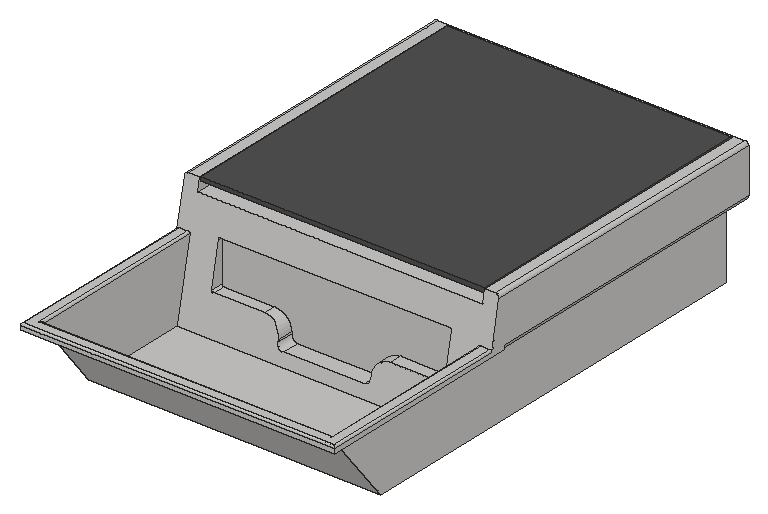
Revit family "PRD_FrankeWS_PprTwlDspnsrs_EXOSPaperTowelDispenser_EXOS600EX_600EB_600EW", category Specialty Equipment, host Face, Revit 2018
Family settings
  Host = Face
  Round Connector Dimension = Use Diameter
  Part Type = Normal
  OmniClass Number = 23.40.20.21.17
  OmniClass Title = Paper Towel Dispensers, Disposal Units
  Cut with Voids When Loaded = No
  Shared = No
  Room Calculation Point = No
Parameters (values of type "EXOS600EB")
  WarrantyStartDate [instance] = "1900-12-31T23:59:59"
  WarrantyGuarantorParts = "n/a"
  WarrantyGuarantorLabor = "n/a"
  WarrantyDurationUnit = "year"
  WarrantyDurationParts = "n/a"
  WarrantyDurationLabor = "n/a"
  WarrantyDescription = "n/a"
  Version = "1"
  Uniclass2015Version = "Products v1.17"
  Uniclass2015Title = "Paper towel dispensers"
  Uniclass2015Code = "Pr_40_70_22_62"
  URL = "www.kwc.com"
  TypeOfOperation = "n/a"
  TypeOfMounting = "Recessed mounting"
  TypeOfFixing = "Screw"
  TypeOfConsumable = "Paper towel"
  TagNumber [instance] = "n/a"
  SustainabilityPerformance = "n/a"
  SurfaceTreatment = "InoxPlus (anti fingerprint)"
  Style = "Dispenser"
  Size = "304 x 500 x 120 mm"
  Shape = "n/a"
  SerialNumber [instance] = "n/a"
  Revision = "n/a"
  ReplacementCost = "n/a"
  ProductInformation = "https://pim.kwc.com/product/2030034625/attachment/datasheet?locale=en"
  PanelMaterial = PRD_AR_Glass_Black
  NominalWidth = 304.00 mm
  NominalHeight = 500.00 mm
  NominalDepth = 120.00 mm
  NetWeight = 4.78 kg
  Name = "Paper Towel Dispenser EXOS600EB"
  NBSTypeID = "n/a"
  NBSReference = "45-35-72/344"
  NBSOfficeMasterTag = "n/a"
  NBSNote = "n/a"
  NBSDescription = "Paper towel dispensers"
  NBSCertification = "n/a"
  ModelReference = "EXOS600EB"
  ModelNumber = "2030034625"
  Model = ModelReference  # "EXOS600EB"
  MaximumWidthOfConsumable = "n/a"
  MaximumDepthDiameterOfConsumable = "n/a"
  MaterialThickness = "1.20 mm"
  MaterialCode = "1.4301"
  Material = "stainless steel"
  ManufacturerURL = "www.kwc.com"
  ManufacturerName = "KWC Group AG"  # constant formula
  Manufacturer = ManufacturerName  # "KWC Group AG"
  MainColor = "stainless steel"
  Lock = "Key-lock"
  IsBuiltIn = "TRUE"
  IntegralAccessories = "incl. mounting materials"
  InstallationDate [instance] = "1900-12-31T23:59:59"
  IfcExportType = "USERDEFINED"
  IfcExportAs = "IfcFurnitureType"
  GrossWeight = 5.78 kg
  Grade = "n/a"
  Finish = "satin finished"
  FillingQuantityUom = "Towels"
  FillingQuantity = "400"
  Features = "stainless steel, surface satin finished"
  ExpectedLife = "n/a"
  DurationUnit = "year"
  DispenserMaterial = PRD_AR_StainlessSteel_SatinFinished
  Description = "Paper towel dispenser for recessed mounting, stainless steel with satin finish, black safety glass front panel, casing with InoxPlus surface refinement for the reduction of finger marks and better cleaning characteristics (easy to clean), material thickness 1.2 mm, capacity 300 - 400 pieces of Z-folded paper, includes mounting materials."
  Default Elevation = 1200.00 mm
  CreatedOn = "05/2020"  # constant formula
  Constituents = "n/a"
  Color = "n/a"
  CodePerformance = "n/a"
  Category = "Pr_40_70_22_62, Paper Towel Dispensers"
  BarCode [instance] = "n/a"
  BIMObjectName = "PRD_AR_PaperTowelDispensers_EXOSPaperTowelDispenser_EXOS600EB"
  Author = "Archispace"  # constant formula
  AssetType = "Fixed"
  AssetIdentifier [instance] = "n/a"
  AccessibilityPerformance = "n/a"
Types (3, lengths in mm): name | ProductInformation | PanelMaterial | NetWeight | Name | ModelReference | ModelNumber | Model | GrossWeight | Description | BIMObjectName
  EXOS600EX | "https://pim.kwc.com/product/2030034624/attachment/datasheet?locale=en" | PRD_AR_StainlessSteel_SatinFinished | 4.14 kg | "Paper Towel Dispenser EXOS600EX" | "EXOS600EX" | "2030034624" | "EXOS600EX" | 5.14 kg | "Paper towel dispenser for recessed mounting, stainless steel with satin finish, front and casing with InoxPlus surface refinement for the reduction of finger marks and better cleaning characteristics (easy to clean), material thickness 1.2 mm, capacity 300 - 400 pieces of Z-folded paper, includes mounting materials." | "PRD_AR_PaperTowelDispensers_EXOSPaperTowelDispenser_EXOS600EX"
  EXOS600EB | "https://pim.kwc.com/product/2030034625/attachment/datasheet?locale=en" | PRD_AR_Glass_Black | 4.78 kg | "Paper Towel Dispenser EXOS600EB" | "EXOS600EB" | "2030034625" | "EXOS600EB" | 5.78 kg | "Paper towel dispenser for recessed mounting, stainless steel with satin finish, black safety glass front panel, casing with InoxPlus surface refinement for the reduction of finger marks and better cleaning characteristics (easy to clean), material thickness 1.2 mm, capacity 300 - 400 pieces of Z-folded paper, includes mounting materials." | "PRD_AR_PaperTowelDispensers_EXOSPaperTowelDispenser_EXOS600EB"
  EXOS600EW | "https://pim.kwc.com/product/2030034662/attachment/datasheet?locale=en" | PRD_AR_Glass_White | 4.78 kg | "Paper Towel Dispenser EXOS600EW" | "EXOS600EW" | "2030034662" | "EXOS600EW" | 5.78 kg | "Paper towel dispenser for recessed mounting, stainless steel with satin finish, white safety glass front panel, casing with InoxPlus surface refinement for the reduction of finger marks and better cleaning characteristics (easy to clean), material thickness 1.2 mm, capacity 300 - 400 pieces of Z-folded paper, includes mounting materials." | "PRD_AR_PaperTowelDispensers_EXOSPaperTowelDispenser_EXOS600EW"
Reference planes
  plane 1 "Center (Front/Back)": y = 0
  plane 2: z = 0
  plane 3 "Center (Left/Right)": x = 0
Forms (mm)
  Extrusion 1, void
    sketch origin (0, 0, 0) x (0, 1, 0) y (0, 0, 1)
      loop
        line (236.5, 0) -> (-235.5, 0) -> (-180.5, -70) -> (236.5, -70) -> (236.5, 0)
    from -141 to 141
Dimensions and locks
  aligned and locked: plane 2 to host face
  aligned and locked: level to host face
Nested families
  nested 1: "EXOS600" at (0, 0, -70), type "EXOS600"
Definition of nested family "EXOS600"
  Parameters (values of type "EXOS600")
    Material = none
    FrontMaterial = none
  Reference planes
    plane 1 "Center (Front/Back)": y = 0
    plane 2: z = 0
    plane 3 "Center (Left/Right)": x = 0
    plane 4: y = 250
  Forms (mm)
    Extrusion 1, solid, material <- "Material", detail levels fine
      sketch origin (0, 0, -10.333) x (1, 0, 0) y (0, 0, 1)
        loop
          line (-152, 80.333) -> (152, 80.333) -> (152, 126.833)
          arc (152, 126.833) -> (150.975, 129.308) -> (148.5, 130.333) r 3.5
          line (148.5, 130.333) -> (-148.5, 130.333)
          arc (-148.5, 130.333) -> (-150.975, 129.308) -> (-152, 126.833) r 3.5
          line (-152, 126.833) -> (-152, 80.333)
      from -250 to 88.079
    Extrusion 2, void
      sketch origin (0, 0, 0) x (0, 1, 0) y (0, 0, 1)
        loop
          line (-50.5, 120) -> (-88.079, 120) -> (-88.079, 70) -> (-61.295, 70) -> (-50.5, 120)
      from -152 to 152
    Extrusion 3, void
      sketch origin (0, 0, 0) x (1, 0, 0) y (0, 0, 1)
        loop
          line (138, 120) -> (-137.996, 120) -> (-137.996, 108.5) -> (138, 108.5) -> (138, 120)
      from -248.5 to 187.554
    Revolve 4, solid, material <- "Material", detail levels fine
      sketch origin (0, 37.5, 95) x (1, 0, 0) y (0, 1, 0)
        loop
          line (0, 212.5) -> (10, 212.5) -> (10, 215.266)
          arc (10, 215.266) -> (9.414, 216.68) -> (8, 217.266) r 2
          line (8, 217.266) -> (6.324, 217.266)
          arc (6.324, 217.266) -> (5.966, 217.585) -> (5.5, 217.7) r 1
          line (5.5, 217.7) -> (0, 217.7) -> (0, 212.5)
        axis (0, 217.7) -> (0, 212.5)
      angle from 0 to 360
    Revolve 5, solid, material <- "Material", detail levels medium
      sketch origin (0, 37.5, 95) x (1, 0, 0) y (0, 1, 0)
        loop
          line (0, 212.5) -> (10, 212.5) -> (10, 217.7) -> (0, 217.7) -> (0, 212.5)
        axis (0, 217.7) -> (0, 212.5)
      angle from 0 to 360
    Extrusion 6, solid, material <- "Material", detail levels fine
      sketch origin (0, 0, 0) x (1, 0, 0) y (0, 1, 0)
        loop
          line (152, -60) -> (140, -60) -> (140, -243.688) -> (-140, -243.688) -> (-140, -60) -> (-152, -60) -> (-152, -250) -> (152, -250) -> (152, -60)
      from 70 to 76
    Extrusion 7, solid, material <- "Material", detail levels fine
      sketch origin (0, 0, 0) x (0, 1, 0) y (0, 0, 1)
        loop
          line (236.5, 0) -> (236.5, 70) -> (-235.5, 70) -> (-180.5, 0) -> (236.5, 0)
      from -141 to 141
    Extrusion 8, void
      sketch origin (0, 0, 0) x (1, 0, 0) y (0, 0, 1)
        loop
          line (152, 70) -> (152, 73.5)
          arc (152, 73.5) -> (150.975, 71.025) -> (148.5, 70) r 3.5
          line (148.5, 70) -> (152, 70)
        loop
          line (-152, 70) -> (-148.5, 70)
          arc (-148.5, 70) -> (-150.975, 71.025) -> (-152, 73.5) r 3.5
          line (-152, 73.5) -> (-152, 70)
      from -250 to 45
    Extrusion 9, solid, material <- "FrontMaterial", detail levels medium+fine
      sketch origin (0, 0, 0) x (1, 0, 0) y (0, 1, 0)
        loop
          line (-137.196, 247.5) -> (-137.196, -50) -> (137.2, -50) -> (137.2, 247.5) -> (-137.196, 247.5)
      from 116.3 to 120.3
    Extrusion 10, void
      sketch origin (0, 0, 0) x (0, 1, 0) y (0, 0, 1)
        loop
          line (-233.974, 70) -> (-179.917, 1.2) -> (-76.15, 1.2) -> (-61.295, 70) -> (-233.974, 70)
      from -140 to 140
    Sweep 11, void
      path in 3D
        loop
          line (-140, -243.688, 76) -> (-140, -60, 76)
      profile origin (-140, -151.844, 76) x (-1, 0, 0) y (0, 0, 1)
        loop
          line (0, 0) -> (0, -2)
          arc (0, -2) -> (0.586, -0.586) -> (2, 0) r 2
          line (2, 0) -> (0, 0)
    Sweep 12, void
      path in 3D
        loop
          line (140, -239.66, 76) -> (140, -60, 76)
      profile origin (140, -149.83, 76) x (-1, 0, 0) y (0, 0, 1)
        loop
          line (0, 0) -> (-2, 0)
          arc (-2, 0) -> (-0.586, -0.586) -> (0, -2) r 2
          line (0, -2) -> (0, 0)
    Sweep 13, void
      path in 3D
        loop
          line (-152, -60, 76) -> (-152, -250, 76) -> (152, -250, 76) -> (152, -60, 76)
      profile origin (-152, -155, 76) x (1, 0, 0) y (0, 0, 1)
        loop
          line (0, 0) -> (0, -2)
          arc (0, -2) -> (0.586, -0.586) -> (2, 0) r 2
          line (2, 0) -> (0, 0)
    Extrusion 14, solid, material <- "Material", detail levels fine
      sketch origin (0, 0, 0) x (0, 1, 0) y (0, 0, 1)
        loop
          line (-233.974, 70) -> (-238.088, 75.236)
          arc (-238.088, 75.236) -> (-238.786, 75.799) -> (-239.66, 76) r 2
          line (-239.66, 76) -> (-243.688, 76) -> (-243.688, 70) -> (-233.974, 70)
      from -143.311 to 143.666
    Extrusion 15, void
      sketch origin (0, 0, 0) x (1, 0, 0) y (0, 0, 1)
        loop
          arc (39, 13) -> (43.243, 14.757) -> (45, 19) r 6
          line (45, 19) -> (45, 21)
          arc (45, 21) -> (49.686, 32.314) -> (61, 37) r 16
          line (61, 37) -> (110.5, 37)
          arc (110.5, 37) -> (111.914, 37.586) -> (112.5, 39) r 2
          line (112.5, 39) -> (112.5, 79)
          arc (112.5, 79) -> (111.914, 80.414) -> (110.5, 81) r 2
          line (110.5, 81) -> (-110.5, 81)
          arc (-110.5, 81) -> (-111.914, 80.414) -> (-112.5, 79) r 2
          line (-112.5, 79) -> (-112.5, 39)
          arc (-112.5, 39) -> (-111.914, 37.586) -> (-110.5, 37) r 2
          line (-110.5, 37) -> (-61, 37)
          arc (-61, 37) -> (-49.686, 32.314) -> (-45, 21) r 16
          line (-45, 21) -> (-45, 19)
          arc (-45, 19) -> (-43.243, 14.757) -> (-39, 13) r 6
          line (-39, 13) -> (39, 13)
      from 56.088 to 80.048
    Extrusion 16, solid, material <- "Material", detail levels medium
      sketch origin (0, 0, -10.333) x (1, 0, 0) y (0, 0, 1)
        loop
          line (-152, 80.333) -> (152, 80.333) -> (152, 130.333) -> (-152, 130.333) -> (-152, 80.333)
      from -250 to 88.079
    Extrusion 17, void
      sketch origin (0, 0, 0) x (1, 0, 0) y (0, 1, 0)
        loop
          line (-137.996, 248.5) -> (-137.996, -52.983) -> (138, -52.983) -> (138, 248.5) -> (-137.996, 248.5)
      from 116.3 to 144.619
    Extrusion 18, solid, material <- "Material", detail levels medium
      sketch origin (0, 0, 0) x (0, 1, 0) y (0, 0, 1)
        loop
          line (236.5, 0) -> (236.5, 70) -> (-235.5, 70) -> (-180.5, 0) -> (236.5, 0)
      from -141 to 141
    Extrusion 19, solid, material <- "Material", detail levels medium
      sketch origin (0, 0, 0) x (1, 0, 0) y (0, 1, 0)
        loop
          line (152, -60) -> (140, -60) -> (140, -243.688) -> (-140, -243.688) -> (-140, -60) -> (-152, -60) -> (-152, -250) -> (152, -250) -> (152, -60)
      from 70 to 76
    Extrusion 20, solid, material <- "Material", detail levels coarse
      sketch origin (0, 0, 0) x (0, 1, 0) y (0, 0, 1)
        loop
          line (236.5, 70) -> (-235.5, 70) -> (-180.5, 0) -> (236.5, 0) -> (236.5, 70)
      from -141 to 141
    Extrusion 21, solid, material <- "Material", detail levels coarse
      sketch origin (0, 0, 0) x (0, 1, 0) y (0, 0, 1)
        loop
          line (250, 120) -> (-50.5, 120) -> (-60, 76) -> (-250, 76) -> (-250, 70) -> (250, 70) -> (250, 120)
      from -152 to 152
    Extrusion 22, solid, material <- "Material", detail levels medium
      sketch origin (0, 0, 0) x (0, 1, 0) y (0, 0, 1)
        loop
          line (-233.974, 70) -> (-238.688, 76) -> (-243.688, 76) -> (-243.688, 70) -> (-233.974, 70)
      from -141 to 141
  Cuts and joins
    Extrusion 2, Extrusion 3, Extrusion 8, Extrusion 15 cuts Extrusion 1
    Sweep 11, Sweep 12, Sweep 13, Extrusion 15 cuts Extrusion 6
    Extrusion 10, Extrusion 15 cuts Extrusion 7
    Extrusion 15 cuts Extrusion 14
    joined: Extrusion 1, Extrusion 6, Extrusion 7, Extrusion 14
    Extrusion 2, Extrusion 17 cuts Extrusion 16
    Extrusion 10 cuts Extrusion 18
    joined: Extrusion 16, Extrusion 18, Extrusion 19, Extrusion 22
  Lines and regions (mm)
    sketch lines
      curve 1: line (-140, -243.688, 76) -> (-140, -60, 76)
      curve 2: line (140, -239.66, 76) -> (140, -60, 76)
      curve 3: line (-152, -60, 76) -> (-152, -250, 76)
      curve 4: line (-152, -250, 76) -> (152, -250, 76)
      curve 5: line (152, -250, 76) -> (152, -60, 76)
  Dimensions and locks
    plane 1 "Center (Front/Back)" to plane 4 = 250.00 mm
    aligned and locked: level to plane 2
